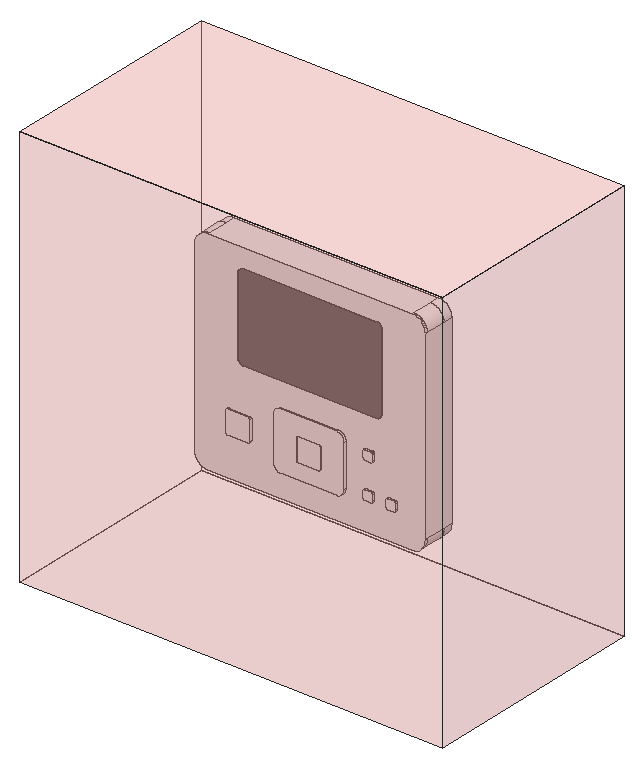
Revit family "Hitachi_Remote-Controller-PC-ARFPE_", category Mechanical Equipment, Revit 2018
Family settings
  Round Connector Dimension = Use Diameter
  Classification = None
  Part Type = Normal
  OmniClass Number = 23.75.65.14.17
  OmniClass Title = Control and Monitoring Boards/Panels
  Work Plane-Based = Yes
  Always vertical = Yes
  Cut with Voids When Loaded = No
  Shared = No
  Room Calculation Point = No
Parameters (values of type "PC-ARFP1E")
  Uniformat code = "D306002"
  Uniformat = "Contrôle électronique "
  Type Comments = "Remote Controller PC-ARFPE"
  Reference description = "Remote Controller PC-ARFPE"
  Product Code = ""
  Overall Width = 120 mm
  Overall Height = 110 mm
  Overall Depth = 17.9 mm
  Operating Humidity Range = "35~90%"
  Omniclass = "HVAC Main Control Panels"
  Object type = "Control Panel"
  OMNICLASS Table 23 Code  = "23-27 15 23 11"
  Nominal Voltage = 0 V
  Nominal Current = 0 A
  Name ETIM = "Accessoires pour climatiseur"
  Name BIM&CO = "Panneau de contrôle"
  Name = "Remote Controller PC-ARFPE"
  Model = "Remote Controller PC-ARFPE"
  Minimum Operating Temperature = 5 °C
  Maximum Operating Temperature = 35 °C
  Masterformat Code = "23 09 33"
  MasterFormat = "Electric and Electronic Control System for HVAC"
  Mass = 0.17 kg
  Manufacturer Product Link = ""
  Manufacturer = "Hitachi Air Conditioning Europe SAS"
  GTIN (Global Trade Item Number)  = ""
  Frequency = 0 Hz
  Electric Power = 0 W
  ETIM Code = "EC011603"
  Description = "Remote Controller PC-ARFPE"
  Default Elevation = 1219.2 mm
  Communication Type = "Wired"
  Color = "White"
  Clearance Zone [instance] = yes
  BC_VARIANT_ID = "230767"
  BC_OBJECT_VERSION = "#5"  # constant formula
  BC_OBJECT_ID = "37817"  # constant formula
  BC_MODEL_ID = "350137"  # constant formula
Reference planes
  plane 1 "Center (Front/Back)": y = 0
  plane 2: z = 10
  plane 3 "Center (Left/Right)": x = 0
  plane 4: x = -60
  plane 5: x = 60
  plane 6: y = 8.95
  plane 7 "FrontControls": y = -8.95
  plane 8: z = 120
  plane 9 "Front": y = -6.95
  plane 10: y = -8.05
  plane 11 "Back": y = 3.95
  plane 12 "Clearance Back": y = 58.95
  plane 13 "Clearance Left": x = -110
  plane 14 "Clearance Right": x = 110
  plane 15 "Clearance Front": y = -58.95
  plane 16 "Clearance Top": z = 170
  plane 17 "Clearance Bottom": z = -40
Forms (mm)
  Extrusion 1, solid, material "Polyethylene, Low Density"
    sketch origin (0, -6.95, 0) x (-1, 0, 0) y (0, 0, 1)
      loop
        line (53, 120) -> (-53, 120)
        arc (-53, 120) -> (-57.95, 117.95) -> (-60, 113) r 7
        line (-60, 113) -> (-60, 17)
        arc (-60, 17) -> (-57.95, 12.05) -> (-53, 10) r 7
        line (-53, 10) -> (53, 10)
        arc (53, 10) -> (57.95, 12.05) -> (60, 17) r 7
        line (60, 17) -> (60, 113)
        arc (60, 113) -> (57.95, 117.95) -> (53, 120) r 7
    from 0 to 10.9
  Extrusion 2, solid, material "Polyethylene, Low Density"
    sketch origin (0, -6.95, 0) x (-1, 0, 0) y (0, 0, 1)
      loop
        line (53, 120) -> (-53, 120)
        arc (-53, 120) -> (-57.95, 117.95) -> (-60, 113) r 7
        line (-60, 113) -> (-60, 17)
        arc (-60, 17) -> (-57.95, 12.05) -> (-53, 10) r 7
        line (-53, 10) -> (53, 10)
        arc (53, 10) -> (57.95, 12.05) -> (60, 17) r 7
        line (60, 17) -> (60, 113)
        arc (60, 113) -> (57.95, 117.95) -> (53, 120) r 7
      loop
        line (34.5, 109.99) -> (-34.5, 109.99)
        arc (-34.5, 109.99) -> (-36.621, 109.111) -> (-37.5, 106.99) r 3
        line (-37.5, 106.99) -> (-37.5, 67.99)
        arc (-37.5, 67.99) -> (-36.621, 65.868) -> (-34.5, 64.99) r 3
        line (-34.5, 64.99) -> (34.5, 64.99)
        arc (34.5, 64.99) -> (36.621, 65.868) -> (37.5, 67.99) r 3
        line (37.5, 67.99) -> (37.5, 106.99)
        arc (37.5, 106.99) -> (36.621, 109.111) -> (34.5, 109.99) r 3
    from 0 to -1.1
  Extrusion 3, solid, material "Display"
    sketch origin (0, -6.95, 0) x (-1, 0, 0) y (0, 0, 1)
      loop
        line (34.5, 109.99) -> (-34.5, 109.99)
        arc (-34.5, 109.99) -> (-36.621, 109.111) -> (-37.5, 106.99) r 3
        line (-37.5, 106.99) -> (-37.5, 67.99)
        arc (-37.5, 67.99) -> (-36.621, 65.868) -> (-34.5, 64.99) r 3
        line (-34.5, 64.99) -> (34.5, 64.99)
        arc (34.5, 64.99) -> (36.621, 65.868) -> (37.5, 67.99) r 3
        line (37.5, 67.99) -> (37.5, 106.99)
        arc (37.5, 106.99) -> (36.621, 109.111) -> (34.5, 109.99) r 3
    from 0 to -1.1
  Extrusion 4, solid, material "Polyethylene, Low Density"
    sketch origin (0, -8.95, 0) x (-1, 0, 0) y (0, 0, 1)
      loop
        line (14.205, 52.493) -> (-14.57, 52.493)
        arc (-14.57, 52.493) -> (-17.399, 51.322) -> (-18.57, 48.493) r 4
        line (-18.57, 48.493) -> (-18.57, 41.66) -> (-6.293, 41.66)
        arc (-6.293, 41.66) -> (-6, 42.367) -> (-5.293, 42.66) r 1
        line (-5.293, 42.66) -> (5.293, 42.66)
        arc (5.293, 42.66) -> (6, 42.367) -> (6.293, 41.66) r 1
        line (6.293, 41.66) -> (18.205, 41.66) -> (18.205, 48.493)
        arc (18.205, 48.493) -> (17.034, 51.322) -> (14.205, 52.493) r 4
    from 0 to 0.9
  Extrusion 5, solid, material "Polyethylene, Low Density"
    sketch origin (0, -8.95, 0) x (-1, 0, 0) y (0, 0, 1)
      loop
        line (5.293, 42.66) -> (-5.293, 42.66)
        arc (-5.293, 42.66) -> (-6, 42.367) -> (-6.293, 41.66) r 1
        line (-6.293, 41.66) -> (-6.293, 31.664)
        arc (-6.293, 31.664) -> (-6, 30.957) -> (-5.293, 30.664) r 1
        line (-5.293, 30.664) -> (5.293, 30.664)
        arc (5.293, 30.664) -> (6, 30.957) -> (6.293, 31.664) r 1
        line (6.293, 31.664) -> (6.293, 41.66)
        arc (6.293, 41.66) -> (6, 42.367) -> (5.293, 42.66) r 1
      loop
        line (41.985, 42.66) -> (31.398, 42.66)
        arc (31.398, 42.66) -> (30.691, 42.367) -> (30.398, 41.66) r 1
        line (30.398, 41.66) -> (30.398, 31.664)
        arc (30.398, 31.664) -> (30.691, 30.957) -> (31.398, 30.664) r 1
        line (31.398, 30.664) -> (41.985, 30.664)
        arc (41.985, 30.664) -> (42.692, 30.957) -> (42.985, 31.664) r 1
        line (42.985, 31.664) -> (42.985, 41.66)
        arc (42.985, 41.66) -> (42.692, 42.367) -> (41.985, 42.66) r 1
    from 0 to 0.9
  Extrusion 6, solid, material "Polyethylene, Low Density"
    sketch origin (0, -8.95, 0) x (-1, 0, 0) y (0, 0, 1)
      loop
        line (-14.57, 22.493) -> (14.205, 22.493)
        arc (14.205, 22.493) -> (17.034, 23.665) -> (18.205, 26.493) r 4
        line (18.205, 26.493) -> (18.205, 31.664) -> (6.293, 31.664)
        arc (6.293, 31.664) -> (6, 30.957) -> (5.293, 30.664) r 1
        line (5.293, 30.664) -> (-5.293, 30.664)
        arc (-5.293, 30.664) -> (-6, 30.957) -> (-6.293, 31.664) r 1
        line (-6.293, 31.664) -> (-18.57, 31.664) -> (-18.57, 26.493)
        arc (-18.57, 26.493) -> (-17.399, 23.665) -> (-14.57, 22.493) r 4
    from 0 to 0.9
  Extrusion 7, solid, material "Polyethylene, Low Density"
    sketch origin (0, -8.95, 0) x (-1, 0, 0) y (0, 0, 1)
      loop
        line (18.205, 41.66) -> (6.293, 41.66) -> (6.293, 31.664) -> (18.205, 31.664) -> (18.205, 41.66)
      loop
        line (-6.293, 41.66) -> (-18.57, 41.66) -> (-18.57, 31.664) -> (-6.293, 31.664) -> (-6.293, 41.66)
    from 0 to 0.9
  Extrusion 8, solid, material "Polyethylene, Low Density"
    sketch origin (0, -8.95, 0) x (-1, 0, 0) y (0, 0, 1)
      loop
        line (-29.472, 48.999) -> (-32.472, 48.999)
        arc (-32.472, 48.999) -> (-33.179, 48.706) -> (-33.472, 47.999) r 1
        line (-33.472, 47.999) -> (-33.472, 44.999)
        arc (-33.472, 44.999) -> (-33.179, 44.292) -> (-32.472, 43.999) r 1
        line (-32.472, 43.999) -> (-29.472, 43.999)
        arc (-29.472, 43.999) -> (-28.765, 44.292) -> (-28.472, 44.999) r 1
        line (-28.472, 44.999) -> (-28.472, 47.999)
        arc (-28.472, 47.999) -> (-28.765, 48.706) -> (-29.472, 48.999) r 1
      loop
        line (-29.472, 30.264) -> (-32.472, 30.264)
        arc (-32.472, 30.264) -> (-33.179, 29.971) -> (-33.472, 29.264) r 1
        line (-33.472, 29.264) -> (-33.472, 26.264)
        arc (-33.472, 26.264) -> (-33.179, 25.557) -> (-32.472, 25.264) r 1
        line (-32.472, 25.264) -> (-29.472, 25.264)
        arc (-29.472, 25.264) -> (-28.765, 25.557) -> (-28.472, 26.264) r 1
        line (-28.472, 26.264) -> (-28.472, 29.264)
        arc (-28.472, 29.264) -> (-28.765, 29.971) -> (-29.472, 30.264) r 1
      loop
        line (-41.427, 30.264) -> (-44.427, 30.264)
        arc (-44.427, 30.264) -> (-45.134, 29.971) -> (-45.427, 29.264) r 1
        line (-45.427, 29.264) -> (-45.427, 26.264)
        arc (-45.427, 26.264) -> (-45.134, 25.557) -> (-44.427, 25.264) r 1
        line (-44.427, 25.264) -> (-41.427, 25.264)
        arc (-41.427, 25.264) -> (-40.72, 25.557) -> (-40.427, 26.264) r 1
        line (-40.427, 26.264) -> (-40.427, 29.264)
        arc (-40.427, 29.264) -> (-40.72, 29.971) -> (-41.427, 30.264) r 1
    from 0 to 0.9
  Extrusion 9, solid, material "Polyethylene, Low Density"
    sketch origin (0, 3.95, 0) x (-1, 0, 0) y (0, 0, 1)
      loop
        arc (-53, 120) -> (-57.95, 117.95) -> (-60, 113) r 7
        line (-60, 113) -> (-60, 17)
        arc (-60, 17) -> (-57.95, 12.05) -> (-53, 10) r 7
        line (-53, 10) -> (53, 10)
        arc (53, 10) -> (57.95, 12.05) -> (60, 17) r 7
        line (60, 17) -> (60, 113)
        arc (60, 113) -> (57.95, 117.95) -> (53, 120) r 7
        line (53, 120) -> (-53, 120)
      loop
        line (-31.315, 46.602) -> (-31.315, 18.92) -> (-14.015, 18.92) -> (-14.015, 46.602) -> (-31.315, 46.602)
      loop
        line (31.315, 46.602) -> (14.015, 46.602) -> (14.015, 18.92) -> (31.315, 18.92) -> (31.315, 46.602)
    from 0 to 5
  Extrusion 10, solid, material "Clearance Zone", visible <- "Clearance Zone"
    sketch origin (0, 0, 10) x (1, 0, 0) y (0, 1, 0)
      loop
        line (-110, 58.95) -> (-110, -58.95) -> (110, -58.95) -> (110, 58.95) -> (-110, 58.95)
    from 160 to -50
Cuts and joins
  joined: Extrusion 1, Extrusion 2, Extrusion 9
  joined: Extrusion 4, Extrusion 6, Extrusion 7
Lines and regions (mm)
  symbolic lines, style "Clearance Zone"
    curve 1: line (-110, 58.95, 10) -> (110, 58.95, 10)
    curve 2: line (-110, -58.95, 10) -> (-110, 58.95, 10)
    curve 3: line (110, -58.95, 10) -> (-110, -58.95, 10)
    curve 4: line (110, 58.95, 10) -> (110, -58.95, 10)
    curve 5: line (-110, -8.95, 170) -> (110, -8.95, 170)
    curve 6: line (-110, -8.95, -40) -> (-110, -8.95, 170)
    curve 7: line (110, -8.95, -40) -> (-110, -8.95, -40)
    curve 8: line (110, -8.95, 170) -> (110, -8.95, -40)
    curve 9: line (0, 58.95, 170) -> (0, -58.95, 170)
    curve 10: line (0, 58.95, -40) -> (0, 58.95, 170)
    curve 11: line (0, -58.95, -40) -> (0, 58.95, -40)
    curve 12: line (0, -58.95, 170) -> (0, -58.95, -40)
Dimensions and locks
  equal spacing: plane 4, plane 3 "Center (Left/Right)", plane 5
  "Overall Width": plane 4 to plane 5
  equal spacing: plane 6, plane 1 "Center (Front/Back)", plane 7 "FrontControls"
  "Overall Depth": plane 6 to plane 7 "FrontControls"
  "Overall Height": plane 8 to plane 2
  locked: plane 10 to plane 7 "FrontControls" at 0.9
  locked: plane 6 to plane 11 "Back" at 5
  plane 12 "Clearance Back" to plane 6 = 50 mm
  plane 13 "Clearance Left" to plane 4 = 50 mm
  plane 7 "FrontControls" to plane 15 "Clearance Front" = 50 mm
  plane 5 to plane 14 "Clearance Right" = 50 mm
  plane 12 "Clearance Back" to plane 15 "Clearance Front" = 117.9 mm
  plane 13 "Clearance Left" to plane 14 "Clearance Right" = 220 mm
  plane 16 "Clearance Top" to plane 8 = 50 mm
  plane 2 to plane 17 "Clearance Bottom" = 50 mm
  aligned and locked: level to plane 2
  aligned and locked: plane 11 "Back" to cut or joined group of Extrusion 1, Extrusion 2, Extrusion 9
  aligned and locked: Extrusion 9 to plane 11 "Back"
  aligned and locked: plane 6 to Extrusion 9
Automatic sketch dimensions
  Extrusion 1 sketch curve to plane 5 = 0 mm
  Extrusion 1 sketch curve to plane 8 = 0 mm
  Extrusion 1 sketch curve to level = 0 mm
  Extrusion 1 sketch curve to plane 4 = 0 mm
  Extrusion 1 sketch curve to plane 5 = 7 mm  (x2)
  Extrusion 1 sketch curve to Extrusion 1 sketch curve = 7 mm
  plane 4 to Extrusion 1 sketch curve = 7 mm
  Extrusion 2 sketch curve to plane 5 = 0 mm
  Extrusion 2 sketch curve to level = 0 mm
  Extrusion 2 sketch curve to plane 8 = 0 mm
  Extrusion 2 sketch curve to plane 4 = 0 mm
  Extrusion 2 sketch curve to plane 5 = 7 mm  (x2)
  Extrusion 2 sketch curve to plane 5 = 22.5 mm
  Extrusion 2 sketch curve to Extrusion 2 sketch curve = 3 mm  (x3)
  plane 4 to Extrusion 2 sketch curve = 25.5 mm  (x2)
  Extrusion 2 sketch curve to plane 8 = 10.01 mm
  level to Extrusion 2 sketch curve = 7 mm
  Extrusion 2 sketch curve to Extrusion 2 sketch curve = 7 mm
  Extrusion 2 sketch curve to Extrusion 2 sketch curve = 45 mm
  Extrusion 3 sketch curve to plane 5 = 22.5 mm
  Extrusion 3 sketch curve to Extrusion 3 sketch curve = 3 mm  (x4)
  plane 4 to Extrusion 3 sketch curve = 25.5 mm
  Extrusion 3 sketch curve to plane 8 = 13.01 mm
  Extrusion 3 sketch curve to Extrusion 3 sketch curve = 39 mm
  plane 3 "Center (Left/Right)" to Extrusion 5 sketch curve = 6.293 mm
  Extrusion 5 sketch curve to Extrusion 5 sketch curve = 1 mm  (x6)
  Extrusion 5 sketch curve to plane 3 "Center (Left/Right)" = 5.293 mm  (x2)
  Extrusion 5 sketch curve to Extrusion 5 sketch curve = 24.105 mm
  Extrusion 5 sketch curve to Extrusion 5 sketch curve = 10.586 mm
  Extrusion 5 sketch curve to Extrusion 5 sketch curve = 0 mm
  level to Extrusion 5 sketch curve = 20.664 mm  (x2)
  Extrusion 5 sketch curve to Extrusion 5 sketch curve = 9.996 mm  (x2)
  plane 3 "Center (Left/Right)" to Extrusion 4 sketch curve = 14.57 mm
  plane 3 "Center (Left/Right)" to Extrusion 4 sketch curve = 6.293 mm
  Extrusion 4 sketch curve to Extrusion 4 sketch curve = 1 mm  (x2)
  Extrusion 4 sketch curve to plane 3 "Center (Left/Right)" = 5.293 mm
  Extrusion 4 sketch curve to Extrusion 4 sketch curve = 7.912 mm
  Extrusion 4 sketch curve to Extrusion 4 sketch curve = 4 mm
  level to Extrusion 4 sketch curve = 31.66 mm
  Extrusion 4 sketch curve to Extrusion 4 sketch curve = 6.833 mm  (x2)
  plane 3 "Center (Left/Right)" to Extrusion 6 sketch curve = 14.57 mm
  plane 3 "Center (Left/Right)" to Extrusion 6 sketch curve = 6.293 mm
  Extrusion 6 sketch curve to Extrusion 6 sketch curve = 1 mm  (x2)
  Extrusion 6 sketch curve to plane 3 "Center (Left/Right)" = 5.293 mm
  Extrusion 6 sketch curve to Extrusion 6 sketch curve = 7.912 mm
  Extrusion 6 sketch curve to Extrusion 6 sketch curve = 4 mm  (x2)
  level to Extrusion 6 sketch curve = 12.493 mm
  Extrusion 6 sketch curve to Extrusion 6 sketch curve = 4.171 mm
  plane 3 "Center (Left/Right)" to Extrusion 7 sketch curve = 18.57 mm
  plane 3 "Center (Left/Right)" to Extrusion 7 sketch curve = 6.293 mm
  Extrusion 7 sketch curve to plane 3 "Center (Left/Right)" = 6.293 mm
  Extrusion 7 sketch curve to Extrusion 7 sketch curve = 11.912 mm
  level to Extrusion 7 sketch curve = 21.664 mm  (x2)
  Extrusion 7 sketch curve to Extrusion 7 sketch curve = 9.996 mm  (x2)
  Extrusion 8 sketch curve to plane 5 = 14.573 mm
  Extrusion 8 sketch curve to Extrusion 8 sketch curve = 1 mm  (x10)
  Extrusion 8 sketch curve to Extrusion 8 sketch curve = 3 mm  (x9)
  Extrusion 8 sketch curve to Extrusion 8 sketch curve = 7.955 mm
  Extrusion 8 sketch curve to Extrusion 8 sketch curve = 6.955 mm
  level to Extrusion 8 sketch curve = 15.264 mm
  Extrusion 8 sketch curve to Extrusion 8 sketch curve = 13.735 mm
  Extrusion 9 sketch curve to plane 5 = 0 mm
  Extrusion 9 sketch curve to level = 0 mm
  Extrusion 9 sketch curve to plane 8 = 0 mm
  Extrusion 9 sketch curve to plane 4 = 0 mm
  level to Extrusion 9 sketch curve = 7 mm  (x2)
  Extrusion 9 sketch curve to plane 5 = 7 mm
  Extrusion 9 sketch curve to plane 5 = 28.685 mm
  plane 3 "Center (Left/Right)" to Extrusion 9 sketch curve = 14.015 mm
  Extrusion 9 sketch curve to plane 3 "Center (Left/Right)" = 14.015 mm
  Extrusion 9 sketch curve to Extrusion 9 sketch curve = 17.301 mm
  plane 4 to Extrusion 9 sketch curve = 7 mm
  level to Extrusion 9 sketch curve = 8.92 mm  (x2)
  Extrusion 9 sketch curve to Extrusion 9 sketch curve = 27.681 mm  (x2)
  curve 3 to plane 13 "Clearance Left" = 0 mm
  curve 3 to plane 14 "Clearance Right" = 0 mm
  curve 3 to plane 15 "Clearance Front" = 0 mm
  curve 2 to plane 12 "Clearance Back" = 0 mm
  curve 5 to plane 14 "Clearance Right" = 0 mm
  curve 7 to plane 13 "Clearance Left" = 0 mm
  curve 7 to plane 17 "Clearance Bottom" = 0 mm
  curve 6 to plane 16 "Clearance Top" = 0 mm
  curve 9 to plane 15 "Clearance Front" = 0 mm
  curve 11 to plane 12 "Clearance Back" = 0 mm
  curve 11 to plane 17 "Clearance Bottom" = 0 mm
  curve 10 to plane 16 "Clearance Top" = 0 mm
  Extrusion 10 sketch curve to plane 13 "Clearance Left" = 0 mm
  Extrusion 10 sketch curve to plane 14 "Clearance Right" = 0 mm
  Extrusion 10 sketch curve to plane 15 "Clearance Front" = 0 mm
  Extrusion 10 sketch curve to plane 12 "Clearance Back" = 0 mm
Connectors
  electrical at (22.665, 8.95, 32.761)
    settings: on cut or joined group of Extrusion 1, Extrusion 2, Extrusion 9, index 10, voltage 0 V, apparent load 0 VA, apparent load phase1 0 VA, apparent load phase2 0 VA, apparent load phase3 0 VA, power factor 1, load classification "Other", number of poles 1, system type 13, power factor state 1, is connector primary yes, connector utility no, sub classification motor no, connector description "Remote control switch"
  electrical at (-22.665, 8.95, 32.761)
    settings: on cut or joined group of Extrusion 1, Extrusion 2, Extrusion 9, index 11, voltage 0 V, apparent load 0 VA, apparent load phase1 0 VA, apparent load phase2 0 VA, apparent load phase3 0 VA, power factor 1, load classification "Other", number of poles 1, system type 31, power factor state 1, is connector primary no, connector utility no, sub classification motor no, connector description "Electrical box of indoor unit"
